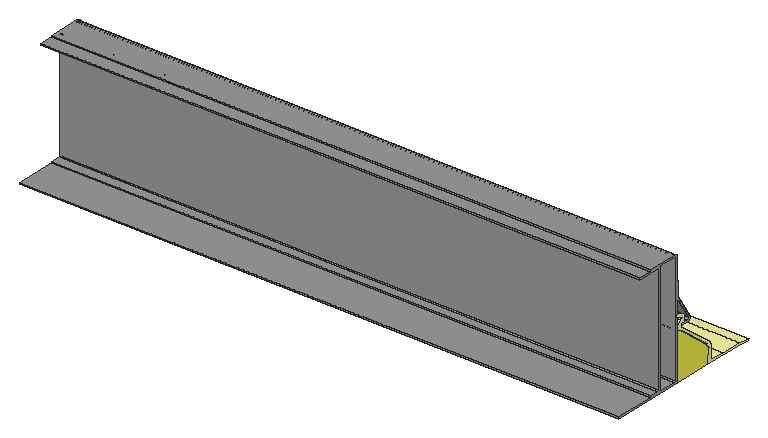
Revit family "HT HD 130", category Generic Models, Revit 2014
Parameters (values of type "Max lintel length 3600mm")
  URL = "http://www.keystonelintels.co.uk"
  Structural Opening [instance] = 900 mm
  Structural Performance = "The Keystone lintel range has safe working loads as detailed in each applicable loading table in the Keystone Lintel Guide brochure. The structural performance figures within each table have been ascertained by testing in accordance with the requirements of standards BS EN 5977-2: 1983 and BS EN 845-2: 2003."
  RIBA Productor Selector = "available for Keystone Lintels Ltd from Keystone Lintels Ltd from ribaproductselector.com"
  Model = "HT/HD 130"
  Min Length = 600 mm
  Min Clear Span = 300 mm
  Max Length = 3600 mm
  Max Clear Span = 3600 mm
  Material - Stainless Steel = "Grade 304 2b 1.4307 to BS EN 10088-2. Other grades available on request: contact manufacturer."
  Material - Galvanised Steel = "To BS EN 10346: 2009. DX51D plus Z600 or grade Z275 to BS 5977-2: 1983 (BS EN 845-2: 2003)."
  Manufacturer = "Keystone"
  Manufactured Length [instance] = (roundup(Effective Length / 150 mm) * 150 mm)  # 1200 mm
  Lintel height [instance] = 2100 mm
  Keynote = "F30/755"
  Fire Performance = "Keystone lintels have been subjected to a fire test (WARRES No. 101263) in accordance with BS 476-20: 1987, at Exova Warrington Fire and achieved a one hour fire performance."
  End Bearing = 150 mm
  Effective Length [instance] = Clear Opening with MIN MAX set + End Bearing * 2  # 1200 mm
  Corrosion = "Keystone’s standard range of lintels are manufactured from high quality grade pre-galvanized carbon steel with a zinc coating of 600"
  Contact Tel = "+44 (0)28 8676 2184"
  Contact Email = "info@keystonelintels.co.uk"
  Clear Opening with MIN MAX set [instance] = if(Structural Opening < Min Clear Span, Min Clear Span, (if(Structural Opening > Max Clear Span, Max Clear Span, Structural Opening)))  # 900 mm
  CPD Information = "Available for Keystone Lintels Ltd from ribacpd.com"
Reference planes
  plane 1 "Center (Front/Back)": y = 0
  plane 2: z = 0
  plane 3 "Center (Left/Right)": x = 0
  plane 4: x = -600
  plane 5: x = 600
  plane 6: z = 2100
  plane 7: x = -450
  plane 8: x = 450
Forms (mm)
  Extrusion 1, solid, material "GRP"
    sketch origin (0, 691.96, -495.229) x (0, 1, 0) y (0, 0, 1)
      loop
        line (-575.466, 2595.229) -> (-555.113, 2593.253) -> (-554.823, 2596.239) -> (-575.32, 2598.229) -> (-616.905, 2598.229) -> (-647.114, 2601.226)
        arc (-647.114, 2601.226) -> (-649.045, 2602.196) -> (-649.823, 2604.211) r 3
        line (-649.823, 2604.211) -> (-649.823, 2627.492)
        arc (-649.823, 2627.492) -> (-650.786, 2631.773) -> (-653.488, 2635.23) r 10
        line (-653.488, 2635.23) -> (-722.74, 2691.926)
        arc (-722.74, 2691.926) -> (-723.292, 2692.519) -> (-723.665, 2693.239) r 3
        line (-723.665, 2693.239) -> (-723.665, 2697.248) -> (-715.704, 2697.248) -> (-715.704, 2707.672)
        arc (-715.704, 2707.672) -> (-716.738, 2711.333) -> (-719.534, 2713.913) r 7
        line (-719.534, 2713.913) -> (-733.149, 2720.829)
        arc (-733.149, 2720.829) -> (-734.206, 2720.735) -> (-734.583, 2719.743) r 1
        line (-734.583, 2719.743) -> (-733.623, 2714.901) -> (-724.388, 2710.209)
        arc (-724.388, 2710.209) -> (-722.521, 2707.664) -> (-723.462, 2704.651) r 3.5
        line (-723.462, 2704.651) -> (-732.623, 2695.218) -> (-732.623, 2689.627)
        arc (-732.623, 2689.627) -> (-732.037, 2688.212) -> (-730.623, 2687.627) r 2
        line (-730.623, 2687.627) -> (-726.048, 2687.627)
        arc (-726.048, 2687.627) -> (-691.96, 2661.568) -> (-659.904, 2633.047) r 576.819
        arc (-659.904, 2633.047) -> (-655.399, 2625.973) -> (-654.283, 2617.662) r 19.5
        line (-654.283, 2617.662) -> (-655.323, 2605.177) -> (-655.323, 2598.229)
        arc (-655.323, 2598.229) -> (-656.823, 2596.729) -> (-655.323, 2595.229) r 1.5
        line (-655.323, 2595.229) -> (-575.466, 2595.229)
    from -600 to 600
  Extrusion 2, solid, material "Steel"
    sketch origin (0, 691.96, 1104.771) x (0, 1, 0) y (0, 0, 1)
      loop
        arc (-737.549, 995.229) -> (-734.721, 996.401) -> (-733.549, 999.229) r 4
        line (-733.549, 999.229) -> (-733.549, 1148.668) -> (-704.422, 1101.107)
        arc (-704.422, 1101.107) -> (-704.248, 1098.016) -> (-706.9, 1096.418) r 3
        line (-706.9, 1096.418) -> (-723.665, 1096.418) -> (-723.665, 1093.917) -> (-706.901, 1093.917)
        arc (-706.901, 1093.917) -> (-702.055, 1096.816) -> (-702.318, 1102.457) r 5.5
        line (-702.318, 1102.457) -> (-731.049, 1149.609) -> (-731.049, 1177.356) -> (-733.549, 1177.356) -> (-733.549, 1223.229)
        arc (-733.549, 1223.229) -> (-734.721, 1226.057) -> (-737.549, 1227.229) r 4
        line (-737.549, 1227.229) -> (-799.549, 1227.229) -> (-799.549, 1224.329) -> (-826.649, 1224.329) -> (-826.649, 1221.829) -> (-781.148, 1221.829)
        arc (-781.148, 1221.829) -> (-779.733, 1221.243) -> (-779.149, 1219.829) r 2
        line (-779.149, 1219.829) -> (-779.149, 1002.629)
        arc (-779.149, 1002.629) -> (-779.735, 1001.215) -> (-781.149, 1000.629) r 2
        line (-781.149, 1000.629) -> (-799.149, 1000.629) -> (-799.149, 998.129) -> (-879.149, 998.129) -> (-879.149, 995.229) -> (-737.549, 995.229)
      loop
        arc (-776.649, 1002.129) -> (-777.821, 999.301) -> (-780.649, 998.129) r 4
        line (-780.649, 998.129) -> (-738.449, 998.129)
        arc (-738.449, 998.129) -> (-737.035, 998.715) -> (-736.449, 1000.129) r 2
        line (-736.449, 1000.129) -> (-736.449, 1222.429)
        arc (-736.449, 1222.429) -> (-737.006, 1223.772) -> (-738.349, 1224.329) r 1.9
        line (-738.349, 1224.329) -> (-780.649, 1224.329)
        arc (-780.649, 1224.329) -> (-777.821, 1223.157) -> (-776.649, 1220.329) r 4
        line (-776.649, 1220.329) -> (-776.649, 1002.129)
    from -600 to 600
  Extrusion 3, solid, material "Insulation"
    sketch origin (0, 691.96, -495.229) x (0, 1, 0) y (0, 0, 1)
      loop
        line (-737.549, 2595.229) -> (-655.323, 2595.229)
        arc (-655.323, 2595.229) -> (-656.823, 2596.729) -> (-655.323, 2598.229) r 1.5
        line (-655.323, 2598.229) -> (-655.323, 2605.177) -> (-654.283, 2617.662)
        arc (-654.283, 2617.662) -> (-655.399, 2625.973) -> (-659.904, 2633.047) r 19.5
        arc (-659.904, 2633.047) -> (-691.96, 2661.568) -> (-726.048, 2687.627) r 576.819
        line (-726.048, 2687.627) -> (-733.549, 2687.627) -> (-733.549, 2599.229)
        arc (-733.549, 2599.229) -> (-734.721, 2596.401) -> (-737.549, 2595.229) r 4
    from -600 to 600
  Extrusion 4, solid, not visible
    sketch origin (0, 981.211, 1216.245) x (0, 1, 0) y (0, 0, 1)
      loop
        line (-575.466, 995.229) -> (-555.113, 993.253) -> (-554.823, 996.239) -> (-575.32, 998.229) -> (-616.905, 998.281) -> (-647.114, 1001.226)
        arc (-647.114, 1001.226) -> (-649.045, 1002.196) -> (-649.823, 1004.211) r 3
        line (-649.823, 1004.211) -> (-649.823, 1027.492)
        arc (-649.823, 1027.492) -> (-650.786, 1031.773) -> (-653.488, 1035.23) r 10
        line (-653.488, 1035.23) -> (-722.74, 1091.926)
        arc (-722.74, 1091.926) -> (-723.292, 1092.519) -> (-723.665, 1093.239) r 3
        line (-723.665, 1093.239) -> (-723.665, 1097.248) -> (-715.704, 1097.248) -> (-715.704, 1107.672)
        arc (-715.704, 1107.672) -> (-716.738, 1111.333) -> (-719.534, 1113.913) r 7
        line (-719.534, 1113.913) -> (-733.149, 1120.829)
        arc (-733.149, 1120.829) -> (-734.206, 1120.735) -> (-734.583, 1119.743) r 1
        line (-734.583, 1119.743) -> (-733.623, 1114.901) -> (-724.388, 1110.209)
        arc (-724.388, 1110.209) -> (-722.521, 1107.664) -> (-723.462, 1104.651) r 3.5
        line (-723.462, 1104.651) -> (-732.623, 1095.218) -> (-732.623, 1089.627)
        arc (-732.623, 1089.627) -> (-732.037, 1088.212) -> (-730.623, 1087.627) r 2
        line (-730.623, 1087.627) -> (-726.048, 1087.627)
        arc (-726.048, 1087.627) -> (-691.96, 1061.568) -> (-659.904, 1033.047) r 576.819
        arc (-659.904, 1033.047) -> (-655.399, 1025.973) -> (-654.283, 1017.662) r 19.5
        line (-654.283, 1017.662) -> (-655.323, 1005.177) -> (-655.323, 998.229)
        arc (-655.323, 998.229) -> (-656.823, 996.729) -> (-655.323, 995.229) r 1.5
        line (-655.323, 995.229) -> (-575.466, 995.229)
    from 0 to 250
  Extrusion 5, solid, not visible
    sketch origin (0, 541.531, 1251.523) x (0, 1, 0) y (0, 0, 1)
      loop
        arc (-737.549, 995.229) -> (-734.721, 996.401) -> (-733.549, 999.229) r 4
        line (-733.549, 999.229) -> (-733.549, 1148.668) -> (-704.422, 1101.107)
        arc (-704.422, 1101.107) -> (-704.248, 1098.016) -> (-706.9, 1096.418) r 3
        line (-706.9, 1096.418) -> (-723.665, 1096.418) -> (-723.665, 1093.917) -> (-706.901, 1093.917)
        arc (-706.901, 1093.917) -> (-702.055, 1096.816) -> (-702.318, 1102.457) r 5.5
        line (-702.318, 1102.457) -> (-731.049, 1149.609) -> (-731.049, 1177.356) -> (-733.549, 1177.356) -> (-733.549, 1223.229)
        arc (-733.549, 1223.229) -> (-734.721, 1226.057) -> (-737.549, 1227.229) r 4
        line (-737.549, 1227.229) -> (-799.549, 1227.229) -> (-799.549, 1224.329) -> (-826.649, 1224.329) -> (-826.649, 1221.829) -> (-781.148, 1221.829)
        arc (-781.148, 1221.829) -> (-779.733, 1221.243) -> (-779.149, 1219.829) r 2
        line (-779.149, 1219.829) -> (-779.149, 1002.629)
        arc (-779.149, 1002.629) -> (-779.735, 1001.215) -> (-781.149, 1000.629) r 2
        line (-781.149, 1000.629) -> (-799.149, 1000.629) -> (-799.149, 998.129) -> (-879.149, 998.129) -> (-879.149, 995.229) -> (-737.549, 995.229)
      loop
        arc (-776.649, 1002.129) -> (-777.821, 999.301) -> (-780.649, 998.129) r 4
        line (-780.649, 998.129) -> (-738.449, 998.129)
        arc (-738.449, 998.129) -> (-737.035, 998.715) -> (-736.449, 1000.129) r 2
        line (-736.449, 1000.129) -> (-736.449, 1222.429)
        arc (-736.449, 1222.429) -> (-737.006, 1223.772) -> (-738.349, 1224.329) r 1.9
        line (-738.349, 1224.329) -> (-780.649, 1224.329)
        arc (-780.649, 1224.329) -> (-777.821, 1223.157) -> (-776.649, 1220.329) r 4
        line (-776.649, 1220.329) -> (-776.649, 1002.129)
    from 0 to 250
  Extrusion 6, solid, not visible
    sketch origin (0, 906.454, 895.532) x (0, 1, 0) y (0, 0, 1)
      loop
        line (-737.549, 995.229) -> (-655.323, 995.229)
        arc (-655.323, 995.229) -> (-656.823, 996.729) -> (-655.323, 998.229) r 1.5
        line (-655.323, 998.229) -> (-655.323, 1005.177) -> (-654.283, 1017.662)
        arc (-654.283, 1017.662) -> (-655.399, 1025.973) -> (-659.904, 1033.047) r 19.5
        arc (-659.904, 1033.047) -> (-691.96, 1061.568) -> (-726.048, 1087.627) r 576.819
        line (-726.048, 1087.627) -> (-733.549, 1087.627) -> (-733.549, 999.229)
        arc (-733.549, 999.229) -> (-734.721, 996.401) -> (-737.549, 995.229) r 4
    from 0 to 250
Dimensions and locks
  equal spacing: plane 4, plane 3 "Center (Left/Right)", plane 5
  "Manufactured Length": plane 4 to plane 5
  "Lintel height": plane 6 to level
  "Structural Opening": plane 7 to plane 8
  equal spacing: plane 7, plane 3 "Center (Left/Right)", plane 8
  aligned and locked: level to plane 2
  aligned and locked: Extrusion 1 to plane 6
  aligned and locked: Extrusion 3 to plane 6
  aligned and locked: Extrusion 2 to plane 6  (x2)
  aligned and locked: plane 5 to Extrusion 2
  aligned and locked: Extrusion 2 to plane 4
  aligned and locked: plane 5 to Extrusion 1
  aligned and locked: Extrusion 1 to plane 4
  aligned and locked: plane 5 to Extrusion 3
  aligned and locked: Extrusion 3 to plane 4
Automatic sketch dimensions
  Extrusion 1 sketch curve to Extrusion 1 sketch curve = 20.353 mm
  Extrusion 1 sketch curve to Extrusion 1 sketch curve = 0.29 mm
  Extrusion 1 sketch curve to Extrusion 1 sketch curve = 1.976 mm
  Extrusion 1 sketch curve to Extrusion 1 sketch curve = 2.986 mm  (x2)
  Extrusion 1 sketch curve to Extrusion 1 sketch curve = 0.145 mm
  Extrusion 1 sketch curve to Extrusion 1 sketch curve = 3 mm  (x2)
  Extrusion 1 sketch curve to Extrusion 1 sketch curve = 79.857 mm
  Extrusion 1 sketch curve to Extrusion 1 sketch curve = 38.418 mm
  Extrusion 1 sketch curve to Extrusion 1 sketch curve = 8.209 mm
  Extrusion 1 sketch curve to Extrusion 1 sketch curve = 5.997 mm
  Extrusion 1 sketch curve to Extrusion 1 sketch curve = 1.5 mm
  Extrusion 1 sketch curve to Extrusion 1 sketch curve = 6.948 mm
  Extrusion 1 sketch curve to Extrusion 1 sketch curve = 0.291 mm
  Extrusion 1 sketch curve to Extrusion 1 sketch curve = 22.316 mm
  Extrusion 1 sketch curve to Extrusion 1 sketch curve = 4.46 mm
  Extrusion 1 sketch curve to Extrusion 1 sketch curve = 9.831 mm
  Extrusion 1 sketch curve to Extrusion 1 sketch curve = 19.433 mm
  Extrusion 1 sketch curve to Extrusion 1 sketch curve = 1.619 mm
  Extrusion 1 sketch curve to Extrusion 1 sketch curve = 10.081 mm
  Extrusion 1 sketch curve to Extrusion 1 sketch curve = 0.081 mm
  Extrusion 1 sketch curve to Extrusion 1 sketch curve = 6.415 mm
  Extrusion 1 sketch curve to Extrusion 1 sketch curve = 403.758 mm
  Extrusion 1 sketch curve to Extrusion 1 sketch curve = 378.569 mm
  Extrusion 1 sketch curve to Extrusion 1 sketch curve = 66.145 mm
  Extrusion 1 sketch curve to Extrusion 1 sketch curve = 3.308 mm
  Extrusion 1 sketch curve to Extrusion 1 sketch curve = 4.3 mm
  Extrusion 1 sketch curve to Extrusion 1 sketch curve = 4.575 mm
  Extrusion 1 sketch curve to Extrusion 1 sketch curve = 2 mm
  Extrusion 1 sketch curve to Extrusion 1 sketch curve = 5.592 mm
  Extrusion 1 sketch curve to Extrusion 1 sketch curve = 1.9 mm
  Extrusion 1 sketch curve to Extrusion 1 sketch curve = 2.321 mm
  Extrusion 1 sketch curve to Extrusion 1 sketch curve = 0.925 mm
  Extrusion 1 sketch curve to Extrusion 1 sketch curve = 4.009 mm
  Extrusion 1 sketch curve to Extrusion 1 sketch curve = 5.136 mm
  Extrusion 1 sketch curve to Extrusion 1 sketch curve = 10.424 mm
  Extrusion 1 sketch curve to Extrusion 1 sketch curve = 0.203 mm
  Extrusion 1 sketch curve to Extrusion 1 sketch curve = 7.403 mm
  Extrusion 1 sketch curve to Extrusion 1 sketch curve = 2.511 mm
  Extrusion 1 sketch curve to Extrusion 1 sketch curve = 2.438 mm
  Extrusion 1 sketch curve to Extrusion 1 sketch curve = 1.585 mm
  Extrusion 1 sketch curve to Extrusion 1 sketch curve = 1.684 mm
  Extrusion 1 sketch curve to Extrusion 1 sketch curve = 4.854 mm
  Extrusion 1 sketch curve to Extrusion 1 sketch curve = 8.762 mm
  Extrusion 1 sketch curve to Extrusion 1 sketch curve = 10.62 mm
  Extrusion 1 sketch curve to Extrusion 1 sketch curve = 0.474 mm
  Extrusion 1 sketch curve to Extrusion 1 sketch curve = 5.928 mm
  Extrusion 1 sketch curve to Extrusion 1 sketch curve = 1.434 mm
  Extrusion 1 sketch curve to Extrusion 1 sketch curve = 1.086 mm
  Extrusion 1 sketch curve to Extrusion 1 sketch curve = 0.981 mm
  Extrusion 2 sketch curve to Extrusion 2 sketch curve = 141.6 mm
  Extrusion 2 sketch curve to Extrusion 2 sketch curve = 2.9 mm  (x4)
  Extrusion 2 sketch curve to Extrusion 2 sketch curve = 61.6 mm
  Extrusion 2 sketch curve to Extrusion 2 sketch curve = 2.5 mm  (x6)
  Extrusion 2 sketch curve to Extrusion 2 sketch curve = 18 mm
  Extrusion 2 sketch curve to Extrusion 2 sketch curve = 0 mm  (x9)
  Extrusion 2 sketch curve to Extrusion 2 sketch curve = 0.5 mm  (x3)
  Extrusion 2 sketch curve to Extrusion 2 sketch curve = 1.5 mm  (x2)
  Extrusion 2 sketch curve to Extrusion 2 sketch curve = 217.2 mm
  Extrusion 2 sketch curve to Extrusion 2 sketch curve = 0.9 mm  (x3)
  Extrusion 2 sketch curve to Extrusion 2 sketch curve = 2 mm
  Extrusion 2 sketch curve to Extrusion 2 sketch curve = 43.1 mm
  Extrusion 2 sketch curve to Extrusion 2 sketch curve = 71.661 mm
  Extrusion 2 sketch curve to Extrusion 2 sketch curve = 1.998 mm
  Extrusion 2 sketch curve to Extrusion 2 sketch curve = 0.498 mm
  Extrusion 2 sketch curve to Extrusion 2 sketch curve = 0.002 mm
  Extrusion 2 sketch curve to Extrusion 2 sketch curve = 72.82 mm
  Extrusion 2 sketch curve to Extrusion 2 sketch curve = 27.747 mm
  Extrusion 2 sketch curve to Extrusion 2 sketch curve = 28.732 mm
  Extrusion 2 sketch curve to Extrusion 2 sketch curve = 47.152 mm
  Extrusion 2 sketch curve to Extrusion 2 sketch curve = 2.104 mm
  Extrusion 2 sketch curve to Extrusion 2 sketch curve = 3.04 mm
  Extrusion 2 sketch curve to Extrusion 2 sketch curve = 1.35 mm
  Extrusion 2 sketch curve to Extrusion 2 sketch curve = 0.941 mm
  Extrusion 2 sketch curve to Extrusion 2 sketch curve = 0.001 mm
  Extrusion 2 sketch curve to Extrusion 2 sketch curve = 16.765 mm
  Extrusion 2 sketch curve to Extrusion 2 sketch curve = 0.8 mm  (x3)
  Extrusion 2 sketch curve to Extrusion 2 sketch curve = 45.502 mm
  Extrusion 2 sketch curve to Extrusion 2 sketch curve = 18.402 mm
  Extrusion 2 sketch curve to Extrusion 2 sketch curve = 1.1 mm
  Extrusion 3 sketch curve to Extrusion 3 sketch curve = 82.226 mm
  Extrusion 3 sketch curve to Extrusion 3 sketch curve = 0 mm  (x3)
  Extrusion 3 sketch curve to Extrusion 3 sketch curve = 1.5 mm  (x2)
  Extrusion 3 sketch curve to Extrusion 3 sketch curve = 6.948 mm
  Extrusion 3 sketch curve to Extrusion 3 sketch curve = 1.04 mm
  Extrusion 3 sketch curve to Extrusion 3 sketch curve = 12.485 mm
  Extrusion 3 sketch curve to Extrusion 3 sketch curve = 19.433 mm
  Extrusion 3 sketch curve to Extrusion 3 sketch curve = 1.619 mm
  Extrusion 3 sketch curve to Extrusion 3 sketch curve = 5.621 mm
  Extrusion 3 sketch curve to Extrusion 3 sketch curve = 321.532 mm
  Extrusion 3 sketch curve to Extrusion 3 sketch curve = 378.569 mm
  Extrusion 3 sketch curve to Extrusion 3 sketch curve = 66.145 mm
  Extrusion 3 sketch curve to Extrusion 3 sketch curve = 4 mm  (x2)
  Extrusion 3 sketch curve to Extrusion 3 sketch curve = 7.501 mm
  Extrusion 4 sketch curve to Extrusion 4 sketch curve = 20.353 mm
  Extrusion 4 sketch curve to Extrusion 4 sketch curve = 0.29 mm
  Extrusion 4 sketch curve to Extrusion 4 sketch curve = 1.976 mm
  Extrusion 4 sketch curve to Extrusion 4 sketch curve = 2.986 mm  (x2)
  Extrusion 4 sketch curve to Extrusion 4 sketch curve = 0.145 mm
  Extrusion 4 sketch curve to Extrusion 4 sketch curve = 3 mm
  Extrusion 4 sketch curve to Extrusion 4 sketch curve = 79.857 mm
  Extrusion 4 sketch curve to Extrusion 4 sketch curve = 38.418 mm
  Extrusion 4 sketch curve to Extrusion 4 sketch curve = 3.052 mm
  Extrusion 4 sketch curve to Extrusion 4 sketch curve = 8.209 mm
  Extrusion 4 sketch curve to Extrusion 4 sketch curve = 5.997 mm
  Extrusion 4 sketch curve to Extrusion 4 sketch curve = 1.5 mm
  Extrusion 4 sketch curve to Extrusion 4 sketch curve = 6.948 mm
  Extrusion 4 sketch curve to Extrusion 4 sketch curve = 0.291 mm
  Extrusion 4 sketch curve to Extrusion 4 sketch curve = 22.316 mm
  Extrusion 4 sketch curve to Extrusion 4 sketch curve = 4.46 mm
  Extrusion 4 sketch curve to Extrusion 4 sketch curve = 9.831 mm
  Extrusion 4 sketch curve to Extrusion 4 sketch curve = 19.433 mm
  Extrusion 4 sketch curve to Extrusion 4 sketch curve = 1.619 mm
  Extrusion 4 sketch curve to Extrusion 4 sketch curve = 10.081 mm
  Extrusion 4 sketch curve to Extrusion 4 sketch curve = 0.081 mm
  Extrusion 4 sketch curve to Extrusion 4 sketch curve = 6.415 mm
  Extrusion 4 sketch curve to Extrusion 4 sketch curve = 403.758 mm
  Extrusion 4 sketch curve to Extrusion 4 sketch curve = 378.569 mm
  Extrusion 4 sketch curve to Extrusion 4 sketch curve = 66.145 mm
  Extrusion 4 sketch curve to Extrusion 4 sketch curve = 3.308 mm
  Extrusion 4 sketch curve to Extrusion 4 sketch curve = 4.3 mm
  Extrusion 4 sketch curve to Extrusion 4 sketch curve = 4.575 mm
  Extrusion 4 sketch curve to Extrusion 4 sketch curve = 2 mm
  Extrusion 4 sketch curve to Extrusion 4 sketch curve = 5.592 mm
  Extrusion 4 sketch curve to Extrusion 4 sketch curve = 1.9 mm
  Extrusion 4 sketch curve to Extrusion 4 sketch curve = 2.321 mm
  Extrusion 4 sketch curve to Extrusion 4 sketch curve = 0.925 mm
  Extrusion 4 sketch curve to Extrusion 4 sketch curve = 4.009 mm
  Extrusion 4 sketch curve to Extrusion 4 sketch curve = 5.136 mm
  Extrusion 4 sketch curve to Extrusion 4 sketch curve = 10.424 mm
  Extrusion 4 sketch curve to Extrusion 4 sketch curve = 0.203 mm
  Extrusion 4 sketch curve to Extrusion 4 sketch curve = 7.403 mm
  Extrusion 4 sketch curve to Extrusion 4 sketch curve = 2.511 mm
  Extrusion 4 sketch curve to Extrusion 4 sketch curve = 2.438 mm
  Extrusion 4 sketch curve to Extrusion 4 sketch curve = 1.585 mm
  Extrusion 4 sketch curve to Extrusion 4 sketch curve = 1.684 mm
  Extrusion 4 sketch curve to Extrusion 4 sketch curve = 4.854 mm
  Extrusion 4 sketch curve to Extrusion 4 sketch curve = 8.762 mm
  Extrusion 4 sketch curve to Extrusion 4 sketch curve = 10.62 mm
  Extrusion 4 sketch curve to Extrusion 4 sketch curve = 0.474 mm
  Extrusion 4 sketch curve to Extrusion 4 sketch curve = 5.928 mm
  Extrusion 4 sketch curve to Extrusion 4 sketch curve = 1.434 mm
  Extrusion 4 sketch curve to Extrusion 4 sketch curve = 1.086 mm
  Extrusion 4 sketch curve to Extrusion 4 sketch curve = 0.981 mm
  Extrusion 5 sketch curve to Extrusion 5 sketch curve = 141.6 mm
  Extrusion 5 sketch curve to Extrusion 5 sketch curve = 2.9 mm  (x4)
  Extrusion 5 sketch curve to Extrusion 5 sketch curve = 61.6 mm
  Extrusion 5 sketch curve to Extrusion 5 sketch curve = 2.5 mm  (x6)
  Extrusion 5 sketch curve to Extrusion 5 sketch curve = 18 mm
  Extrusion 5 sketch curve to Extrusion 5 sketch curve = 0 mm  (x9)
  Extrusion 5 sketch curve to Extrusion 5 sketch curve = 0.5 mm  (x3)
  Extrusion 5 sketch curve to Extrusion 5 sketch curve = 1.5 mm  (x2)
  Extrusion 5 sketch curve to Extrusion 5 sketch curve = 217.2 mm
  Extrusion 5 sketch curve to Extrusion 5 sketch curve = 0.9 mm  (x3)
  Extrusion 5 sketch curve to Extrusion 5 sketch curve = 2 mm
  Extrusion 5 sketch curve to Extrusion 5 sketch curve = 43.1 mm
  Extrusion 5 sketch curve to Extrusion 5 sketch curve = 71.661 mm
  Extrusion 5 sketch curve to Extrusion 5 sketch curve = 1.998 mm
  Extrusion 5 sketch curve to Extrusion 5 sketch curve = 0.498 mm
  Extrusion 5 sketch curve to Extrusion 5 sketch curve = 0.002 mm
  Extrusion 5 sketch curve to Extrusion 5 sketch curve = 72.82 mm
  Extrusion 5 sketch curve to Extrusion 5 sketch curve = 27.747 mm
  Extrusion 5 sketch curve to Extrusion 5 sketch curve = 28.732 mm
  Extrusion 5 sketch curve to Extrusion 5 sketch curve = 47.152 mm
  Extrusion 5 sketch curve to Extrusion 5 sketch curve = 2.104 mm
  Extrusion 5 sketch curve to Extrusion 5 sketch curve = 3.04 mm
  Extrusion 5 sketch curve to Extrusion 5 sketch curve = 1.35 mm
  Extrusion 5 sketch curve to Extrusion 5 sketch curve = 0.941 mm
  Extrusion 5 sketch curve to Extrusion 5 sketch curve = 0.001 mm
  Extrusion 5 sketch curve to Extrusion 5 sketch curve = 16.765 mm
  Extrusion 5 sketch curve to Extrusion 5 sketch curve = 0.8 mm  (x3)
  Extrusion 5 sketch curve to Extrusion 5 sketch curve = 45.502 mm
  Extrusion 5 sketch curve to Extrusion 5 sketch curve = 18.402 mm
  Extrusion 5 sketch curve to Extrusion 5 sketch curve = 1.1 mm
  Extrusion 6 sketch curve to Extrusion 6 sketch curve = 82.226 mm
  Extrusion 6 sketch curve to Extrusion 6 sketch curve = 0 mm  (x3)
  Extrusion 6 sketch curve to Extrusion 6 sketch curve = 1.5 mm  (x2)
  Extrusion 6 sketch curve to Extrusion 6 sketch curve = 6.948 mm
  Extrusion 6 sketch curve to Extrusion 6 sketch curve = 1.04 mm
  Extrusion 6 sketch curve to Extrusion 6 sketch curve = 12.485 mm
  Extrusion 6 sketch curve to Extrusion 6 sketch curve = 19.433 mm
  Extrusion 6 sketch curve to Extrusion 6 sketch curve = 1.619 mm
  Extrusion 6 sketch curve to Extrusion 6 sketch curve = 5.621 mm
  Extrusion 6 sketch curve to Extrusion 6 sketch curve = 321.532 mm
  Extrusion 6 sketch curve to Extrusion 6 sketch curve = 378.569 mm
  Extrusion 6 sketch curve to Extrusion 6 sketch curve = 66.145 mm
  Extrusion 6 sketch curve to Extrusion 6 sketch curve = 4 mm  (x2)
  Extrusion 6 sketch curve to Extrusion 6 sketch curve = 7.501 mm
  Extrusion 2 sketch curve to plane 6 = 0 mm
  plane 1 "Center (Front/Back)" to Extrusion 2 sketch curve = 187.189 mm
  Extrusion 3 sketch curve to plane 6 = 0 mm
  plane 1 "Center (Front/Back)" to Extrusion 3 sketch curve = 367.121 mm
  Extrusion 1 sketch curve to plane 6 = 0 mm
  plane 1 "Center (Front/Back)" to Extrusion 1 sketch curve = 367.121 mm
